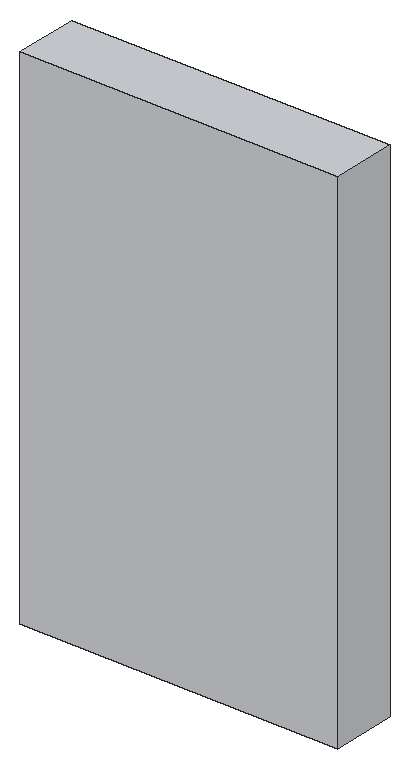
Revit family "1121xxx Mashiko 600 LED", category Lighting Fixtures, host Face, Revit 2018
Family settings
  Host = Face
  Round Connector Dimension = Use Diameter
  Part Type = Normal
  OmniClass Number = 23.80.70.00
  OmniClass Title = Lighting
  Cut with Voids When Loaded = No
  Light Source = Yes
  Shared = No
  Room Calculation Point = No
Parameters (values of type "0911 Mashiko 900")
  Width = 80.00 mm
  Weight = "3.46kg"
  Wattage Comments = "39w"
  Wattage = 9.2903 W
  built-in parameter 1150110 = 1 (stored number, unit not read)
  Voltage = 230 V
  URL = "www.astrolighting.co.uk"
  Type Comments = "Includes integral electronic ballast. Can be mounted horizontally or vertically."
  built-in parameter 1114217 = 1 (stored number, unit not read)
  Tilt Angle = 90.00°
  built-in parameter 1150109 = 1 (stored number, unit not read)
  built-in parameter 1150134 = 3
  built-in parameter 1150113 = 1 (stored number, unit not read)
  Suitable for bathroom zone = "Zones 2 and 3"
  Product Documentation = "http://www.astrolighting.co.uk/products/kw/0911/0911_Mashiko-900"
  Photometric Web File = "0911 MASHIKO 900.ies"
  Number of Poles = 1
  Mountable on normally flammable surfaces = "Yes"
  Model = "0911 Mashiko 900"
  Manufacturer = "Astro Lighting Ltd, CM20 2DP"
  built-in parameter 1150105 = 109.82 (stored number, unit not read)
  Lumens = 1380 lm
  Luminaire Lamp Efficiency Rating = "A-C"
  built-in parameter 1150115 = 1 (stored number, unit not read)
  Light Source From Wall = 40.00 mm  # constant formula
  built-in parameter 1150137 = (empty or 0)
  built-in parameter 1150139 = (empty or 0)
  Length = 80.00 mm
  Lamp included = "No"
  built-in parameter 1150112 = 1 (stored number, unit not read)
  built-in parameter 1150114 = 1 (stored number, unit not read)
  Lamp = "T5"
  built-in parameter 1150132 = (empty or 0)
  built-in parameter 1150102 = (empty or 0)
  built-in parameter 1150107 = 3200 (stored number, unit not read)
  built-in parameter 1150138 = (empty or 0)
  built-in parameter 1150106 = 1.0982 (stored number, unit not read)
  IP Rating = "IP44"
  Height = 910.00 mm
  Energy Efficiency Rating = ""
  Emit from Rectangle Width = 880.00 mm
  Emit from Rectangle Length = 60.00 mm
  Emit Shape Visible in Rendering = no
  built-in parameter 1150104 = 13.8 (stored number, unit not read)
  Dimming Lamp Color Temperature Shift = <None>
  Dimmable = "No"
  Diffuser Length = 435.00 mm
  Description = "Mirror Light"
  Default Elevation [instance] = 1700.00 mm
  Connector Placement = 200.00 mm
  Color Filter = 16777215
  Class = 2
  Casing Material = Astro - Steel - Chrome Finish
  Manufacturer Contact = "01279 427001"
  built-in parameter 1114218 = 1 (stored number, unit not read)
  built-in parameter 1150133 = 10 (stored number, unit not read)
  Assembly Code = "D5020200"
  Apparent Load = 37.62 VA
  900 Visibility = yes
Types (7, lengths in mm): name | Weight | Wattage Comments | Type Comments | Product Documentation | Photometric Web File | Model | Luminaire Lamp Efficiency Rating | Lamp included | Lamp | Height | Emit from Rectangle Width | Diffuser Length | Description | Connector Placement | Class | Casing Material | Apparent Load | 900 Visibility
  0550 Mashiko 360 | "1.7kg" | "18w" | "Can be mounted horizontally or vertically. Includes internal electronic ballast." | "http://www.astrolighting.co.uk/products/kw/0550/0550_Mashiko-360" | "0550 MASHIKO 360.ies" | "0550 Mashiko 360" | "B" | "No" | "2G11" | 360.00 | 330.00 | 330.00 | "Wall Light" | 275.00 | 2 | Astro - Steel - Chrome Finish | 13 VA | no
  7099 Mashiko 360 LED | "1.4kg" | "7.2w" | "Can be mounted horizontally or vertically. Includes integral LED driver." | "http://www.astrolighting.co.uk/products/kw/7099/7099_Mashiko-360-LED" | "MASHIKO LED 360.ies" | "7099 Mashiko 360 LED" | "A" | "Yes" | "LED" | 360.00 | 330.00 | 330.00 | "Wall Light" | 275.00 | 2 | Astro - Steel - Chrome Finish | 7.94 VA | no
  0583 Mashiko 500 | "2.3kg" | "36w" | "Can be mounted horizontally or vertically. Includes internal electronic ballast." | "http://www.astrolighting.co.uk/products/kw/0583/0583_Mashiko-500" | "0583 MASHIKO 500.ies" | "0583 Mashiko 500" | "B" | "No" | "2G11" | 510.00 | 480.00 | 480.00 | "Wall Light" | 468.00 | 1 | Astro - Steel - Chrome Finish | 32.7 VA | no
  0878 Mashiko 600 | "2.43kg" | "24w" | "Can be mounted horizontally or vertically. Includes internal electronic ballast." | "http://www.astrolighting.co.uk/products/kw/0878/0878_Mashiko-600" | "0878 MASHIKO 600.ies" | "0878 Mashiko 600" | "A-C" | "No" | "T5" | 610.00 | 580.00 | 580.00 | "Mirror Light" | 107.50 | 2 | Astro - Steel - Chrome Finish | 21.08 VA | no
  7134 Mashiko 600 LED | "2.09kg" | "10.8w" | "Can be mounted horizontally or vertically. Includes integral LED driver." | "http://www.astrolighting.co.uk/products/kw/7134/7134_Mashiko-600-LED" | "7134MASHIKO LED 600.ies" | "7134 Mashiko 600 LED" | "A" | "Yes" | "LED" | 610.00 | 580.00 | 580.00 | "Mirror Light" | 107.50 | 2 | Astro - Steel - Chrome Finish | 15.53 VA | no
  0911 Mashiko 900 | "3.46kg" | "39w" | "Includes integral electronic ballast. Can be mounted horizontally or vertically." | "http://www.astrolighting.co.uk/products/kw/0911/0911_Mashiko-900" | "0911 MASHIKO 900.ies" | "0911 Mashiko 900" | "A-C" | "No" | "T5" | 910.00 | 880.00 | 435.00 | "Mirror Light" | 200.00 | 2 | Astro - Steel - Chrome Finish | 37.62 VA | yes
  7043 Mashiko 360 (Silver) | "1.7kg" | "18w" | "Can be mounted horizontally or vertically. Includes internal electronic ballast." | "http://www.astrolighting.co.uk/products/kw/0550/0550_Mashiko-360" | "0550 MASHIKO 360.ies" | "7043 Mashiko 360 Silver" | "B" | "No" | "2G11" | 360.00 | 330.00 | 330.00 | "Wall Light" | 275.00 | 2 | Astro - Steel - Silver Paint | 13 VA | no
Reference planes
  plane 1: y = -75
  plane 2 "Light Source Axis (L/R)": x = 125
  plane 3 "Light Source Axis (F/R)": y = 40
  plane 4 "Light Source Elevation": z = 1600
  plane 5: y = -150
  plane 6 "Center (Elevation)": z = 1600
  plane 7: z = 0
  plane 8 "Top": z = 2055
  plane 9 "Bottom": z = 1145
  plane 10 "Left": x = 165
  plane 11 "Right": x = 85
  plane 12 "Front": y = 80
  plane 13: y = 0
  plane 14: z = 2050
  plane 15: z = 1150
  plane 16: z = 2040
  plane 17: z = 1160
  plane 18: x = 95
  plane 19: x = 155
  plane 20: y = 70
  plane 21: y = 10
Forms (mm)
  Extrusion 1, solid
    sketch origin (140, -150, 1500) x (0, 0, 1) y (1, 0, 0)
      loop
        line (-500, -385.69) -> (680, -385.69) -> (680, 345) -> (-500, 345) -> (-500, -385.69)
    from 0 to 150
  Extrusion 2, solid, material "Astro - Steel - Chrome Finish" <- "Casing Material"
    sketch origin (919.786, 225, 2055) x (1, 0, 0) y (0, 1, 0)
      loop
        arc (-828.786, -150) -> (-829.493, -150.293) -> (-829.786, -151) r 1
        line (-829.786, -151) -> (-829.786, -225) -> (-759.786, -225) -> (-759.786, -151)
        arc (-759.786, -151) -> (-760.079, -150.293) -> (-760.786, -150) r 1
        line (-760.786, -150) -> (-828.786, -150)
    from 0 to -5
  Extrusion 3, solid, material "Astro - Steel - Chrome Finish" <- "Casing Material"
    sketch origin (980.916, 225, 1145) x (1, 0, 0) y (0, 1, 0)
      loop
        arc (-889.916, -150) -> (-890.623, -150.293) -> (-890.916, -151) r 1
        line (-890.916, -151) -> (-890.916, -225) -> (-820.916, -225) -> (-820.916, -151)
        arc (-820.916, -151) -> (-821.209, -150.293) -> (-821.916, -150) r 1
        line (-821.916, -150) -> (-889.916, -150)
    from 0 to 5
  Extrusion 4, solid, material "Astro - Steel - Chrome Finish" <- "Casing Material"
    sketch origin (1573.638, 225, 1600) x (1, 0, 0) y (0, 1, 0)
      loop
        arc (-1487.138, -145) -> (-1488.199, -145.439) -> (-1488.638, -146.5) r 1.5
        line (-1488.638, -146.5) -> (-1488.638, -155) -> (-1478.638, -155) -> (-1478.638, -145) -> (-1487.138, -145)
      loop
        line (-1488.638, -225) -> (-1478.638, -225) -> (-1478.638, -215) -> (-1488.638, -215) -> (-1488.638, -225)
      loop
        line (-1408.638, -225) -> (-1408.638, -215) -> (-1418.638, -215) -> (-1418.638, -225) -> (-1408.638, -225)
      loop
        line (-1418.638, -145) -> (-1418.638, -155) -> (-1408.638, -155) -> (-1408.638, -146.5)
        arc (-1408.638, -146.5) -> (-1409.078, -145.439) -> (-1410.138, -145) r 1.5
        line (-1410.138, -145) -> (-1418.638, -145)
    from -440 to 440
  Extrusion 5, solid, material "Astro - Steel - Chrome Finish" <- "Casing Material"
    sketch origin (365.765, 225, 2050) x (1, 0, 0) y (0, 1, 0)
      loop
        line (-270.765, -155) -> (-270.765, -215) -> (-210.765, -215) -> (-210.765, -155) -> (-270.765, -155)
      loop
        arc (-279.265, -145) -> (-280.326, -145.439) -> (-280.765, -146.5) r 1.5
        line (-280.765, -146.5) -> (-280.765, -225) -> (-200.765, -225) -> (-200.765, -146.5)
        arc (-200.765, -146.5) -> (-201.204, -145.439) -> (-202.265, -145) r 1.5
        line (-202.265, -145) -> (-279.265, -145)
    from -10 to 0
  Extrusion 6, solid, material "Astro - Steel - Chrome Finish" <- "Casing Material"
    sketch origin (365.765, 225, 1150) x (1, 0, 0) y (0, 1, 0)
      loop
        line (-270.765, -155) -> (-270.765, -215) -> (-210.765, -215) -> (-210.765, -155) -> (-270.765, -155)
      loop
        arc (-279.265, -145) -> (-280.326, -145.439) -> (-280.765, -146.5) r 1.5
        line (-280.765, -146.5) -> (-280.765, -225) -> (-200.765, -225) -> (-200.765, -146.5)
        arc (-200.765, -146.5) -> (-201.204, -145.439) -> (-202.265, -145) r 1.5
        line (-202.265, -145) -> (-279.265, -145)
    from 0 to 10
  Extrusion 7, solid, material "Astro - Polycarbonate - White"
    sketch origin (1573.638, 225, 1600) x (1, 0, 0) y (0, 1, 0)
      loop
        line (-1478.638, -145) -> (-1478.638, -147) -> (-1418.638, -147) -> (-1418.638, -145) -> (-1478.638, -145)
      loop
        line (-1488.638, -215) -> (-1486.638, -215) -> (-1486.638, -155) -> (-1488.638, -155) -> (-1488.638, -215)
      loop
        line (-1408.638, -215) -> (-1408.638, -155) -> (-1410.638, -155) -> (-1410.638, -215) -> (-1408.638, -215)
    from 5 to 440
  Extrusion 8, solid, material "Astro - Steel - Chrome Finish" <- "Casing Material", visible <- "900 Visibility"
    sketch origin (1573.638, 225, 1600) x (1, 0, 0) y (0, 1, 0)
      loop
        line (-1408.638, -215) -> (-1408.638, -155) -> (-1418.638, -155) -> (-1418.638, -215) -> (-1408.638, -215)
      loop
        line (-1488.638, -215) -> (-1478.638, -215) -> (-1478.638, -155) -> (-1488.638, -155) -> (-1488.638, -215)
    from -5 to 5
  Extrusion 9, solid, material "Astro - Steel - Chrome Finish" <- "Casing Material", visible <- "900 Visibility"
    sketch origin (1573.638, 225, 1600) x (1, 0, 0) y (0, 1, 0)
      loop
        line (-1478.638, -145) -> (-1478.638, -155) -> (-1418.638, -155) -> (-1418.638, -145) -> (-1478.638, -145)
    from -5 to 5
  Extrusion 10, solid, material "Astro - Polycarbonate - White", visible <- "900 Visibility"
    sketch origin (980.916, 225, 1145) x (1, 0, 0) y (0, 1, 0)
      loop
        line (-885.916, -145) -> (-885.916, -147) -> (-825.916, -147) -> (-825.916, -145) -> (-885.916, -145)
      loop
        line (-895.916, -215) -> (-893.916, -215) -> (-893.916, -155) -> (-895.916, -155) -> (-895.916, -215)
      loop
        line (-815.916, -215) -> (-815.916, -155) -> (-817.916, -155) -> (-817.916, -215) -> (-815.916, -215)
    from 15 to 450
  Extrusion 11, solid, material "Astro - Steel - Chrome Finish" <- "Casing Material"
    sketch origin (-969.65, 0, 4000) x (-1, 0, 0) y (0, 0, 1)
      loop
        line (-1124.65, -1960) -> (-1124.65, -2840) -> (-1064.65, -2840) -> (-1064.65, -1960) -> (-1124.65, -1960)
      loop
        circle (-1094.65, -2145) r 8.5
    from 0 to 2.5
Cuts and joins
  joined: Extrusion 4, Extrusion 5, Extrusion 6
Text (mm)
  text "Placement side" at (-207.533, 216.883, 0), in view "Ref. Level"
  text "Placement side" at (0, 441.086, 2089.4), in view "Left"
  text "Placement side" at (0, 628.478, 3011.967), in view "Right"
Dimensions and locks
  equal spacing: plane 9 "Bottom", plane 6 "Center (Elevation)", plane 8 "Top"
  "Height": plane 9 "Bottom" to plane 8 "Top"
  equal spacing: plane 11 "Right", plane 2 "Light Source Axis (L/R)", plane 10 "Left"
  "Width": plane 11 "Right" to plane 10 "Left"
  locked: plane 1 to plane 13 at 75
  "Length": plane 12 "Front" to plane 13
  "Light Source From Wall": plane 3 "Light Source Axis (F/R)" to plane 13
  locked: plane 14 to plane 8 "Top" at 5
  locked: plane 9 "Bottom" to plane 15 at 5
  locked: plane 16 to plane 8 "Top" at 15
  locked: plane 9 "Bottom" to plane 17 at 15
  locked: plane 11 "Right" to Extrusion 2 sketch curve at 5
  locked: Extrusion 2 sketch curve to plane 10 "Left" at 5
  locked: plane 12 "Front" to Extrusion 2 sketch curve at 5
  locked: plane 12 "Front" to Extrusion 2 sketch curve at 6  (x2)
  locked: Extrusion 2 sketch curve to plane 10 "Left" at 6
  locked: plane 11 "Right" to Extrusion 2 sketch curve at 6
  locked: plane 11 "Right" to Extrusion 3 sketch curve at 5
  locked: Extrusion 3 sketch curve to plane 10 "Left" at 5
  locked: plane 12 "Front" to Extrusion 3 sketch curve at 5
  locked: plane 11 "Right" to Extrusion 3 sketch curve at 6
  locked: Extrusion 3 sketch curve to plane 10 "Left" at 6
  locked: plane 12 "Front" to Extrusion 3 sketch curve at 6  (x2)
  locked: plane 21 to plane 13 at 10
  locked: plane 12 "Front" to plane 20 at 10
  locked: plane 11 "Right" to plane 18 at 10
  locked: plane 19 to plane 10 "Left" at 10
  locked: plane 11 "Right" to Extrusion 4 sketch curve at 1.5
  locked: Extrusion 4 sketch curve to plane 10 "Left" at 1.5
  locked: plane 12 "Front" to Extrusion 4 sketch curve at 1.5  (x2)
  locked: Extrusion 5 sketch curve to plane 10 "Left" at 1.5
  locked: plane 12 "Front" to Extrusion 5 sketch curve at 1.5  (x2)
  locked: plane 11 "Right" to Extrusion 5 sketch curve at 1.5
  locked: Extrusion 6 sketch curve to plane 10 "Left" at 1.5
  locked: plane 12 "Front" to Extrusion 6 sketch curve at 1.5  (x2)
  locked: plane 11 "Right" to Extrusion 6 sketch curve at 1.5
  locked: plane 11 "Right" to Extrusion 7 sketch curve at 2
  locked: Extrusion 7 sketch curve to plane 10 "Left" at 2
  locked: plane 12 "Front" to Extrusion 7 sketch curve at 2
  equal spacing: Extrusion 9, plane 6 "Center (Elevation)", Extrusion 9
  locked: Extrusion 9 to Extrusion 9 at 10
  "Diffuser Length": Extrusion 7 to plane 16
  locked: plane 11 "Right" to Extrusion 10 sketch curve at 2
  locked: Extrusion 10 sketch curve to plane 10 "Left" at 2
  locked: plane 12 "Front" to Extrusion 10 sketch curve at 2
  "Diffuser Length": plane 17 to Extrusion 10
  locked: Extrusion 11 to plane 13 at 2.5
  "Connector Placement": Extrusion 11 sketch curve to plane 8 "Top"
  aligned and locked: plane 13 to Extrusion 2 sketch curve
  aligned and locked: Extrusion 2 to plane 8 "Top"
  aligned and locked: Extrusion 2 to plane 14
  aligned and locked: plane 13 to Extrusion 3 sketch curve
  aligned and locked: Extrusion 3 to plane 9 "Bottom"
  aligned and locked: plane 15 to Extrusion 3
  aligned and locked: Extrusion 4 sketch curve to plane 12 "Front"
  aligned and locked: Extrusion 4 sketch curve to plane 11 "Right"
  aligned and locked: Extrusion 4 sketch curve to plane 10 "Left"
  aligned and locked: Extrusion 4 sketch curve to plane 20
  aligned and locked: Extrusion 4 sketch curve to plane 18
  aligned and locked: Extrusion 4 sketch curve to plane 19
  aligned and locked: Extrusion 4 sketch curve to plane 21
  aligned and locked: Extrusion 4 sketch curve to plane 13
  aligned and locked: Extrusion 4 to plane 17
  aligned and locked: plane 16 to Extrusion 4
  aligned and locked: Extrusion 5 sketch curve to plane 20
  aligned and locked: Extrusion 5 sketch curve to plane 21
  aligned and locked: Extrusion 5 sketch curve to plane 18
  aligned and locked: Extrusion 5 sketch curve to plane 19
  aligned and locked: Extrusion 5 sketch curve to plane 12 "Front"
  aligned and locked: Extrusion 5 sketch curve to plane 11 "Right"
  aligned and locked: Extrusion 5 sketch curve to plane 10 "Left"
  aligned and locked: Extrusion 5 sketch curve to plane 13
  aligned and locked: Extrusion 5 to plane 16
  aligned and locked: plane 14 to Extrusion 5
  aligned and locked: Extrusion 6 sketch curve to plane 20
  aligned and locked: Extrusion 6 sketch curve to plane 12 "Front"
  aligned and locked: Extrusion 6 sketch curve to plane 11 "Right"
  aligned and locked: Extrusion 6 sketch curve to plane 18
  aligned and locked: Extrusion 6 sketch curve to plane 19
  aligned and locked: Extrusion 6 sketch curve to plane 10 "Left"
  aligned and locked: Extrusion 6 sketch curve to plane 21
  aligned and locked: Extrusion 6 sketch curve to plane 13
  aligned and locked: Extrusion 6 to plane 15
  aligned and locked: plane 17 to Extrusion 6
  aligned and locked: Extrusion 7 sketch curve to plane 11 "Right"
  aligned and locked: Extrusion 7 sketch curve to plane 10 "Left"
  aligned and locked: Extrusion 7 sketch curve to plane 20
  aligned and locked: Extrusion 7 sketch curve to plane 19
  aligned and locked: Extrusion 7 sketch curve to plane 21  (x2)
  aligned and locked: plane 16 to Extrusion 7
  aligned and locked: Extrusion 8 sketch curve to plane 10 "Left"
  aligned and locked: Extrusion 8 sketch curve to plane 11 "Right"
  aligned and locked: Extrusion 8 sketch curve to plane 18
  aligned and locked: Extrusion 8 sketch curve to plane 19
  aligned and locked: Extrusion 8 sketch curve to plane 20
  aligned and locked: plane 20 to Extrusion 8 sketch curve
  aligned and locked: plane 18 to Extrusion 9 sketch curve
  aligned and locked: Extrusion 9 sketch curve to plane 19
  aligned and locked: Extrusion 9 sketch curve to plane 12 "Front"
  aligned and locked: plane 20 to Extrusion 9 sketch curve
  aligned and locked: Extrusion 8 to Extrusion 9  (x2)
  aligned and locked: Extrusion 8 sketch curve to plane 21
  aligned and locked: Extrusion 10 sketch curve to plane 12 "Front"
  aligned and locked: Extrusion 10 sketch curve to plane 11 "Right"
  aligned and locked: Extrusion 10 sketch curve to plane 10 "Left"
  aligned and locked: Extrusion 10 sketch curve to plane 21
  aligned and locked: Extrusion 10 sketch curve to plane 20  (x2)
  aligned and locked: Extrusion 10 sketch curve to plane 18
  aligned and locked: Extrusion 10 sketch curve to plane 19
  aligned and locked: Extrusion 10 to plane 17
  aligned and locked: Extrusion 11 sketch curve to plane 16
  aligned and locked: plane 17 to Extrusion 11 sketch curve
  aligned and locked: Extrusion 11 sketch curve to plane 19
  aligned and locked: plane 18 to Extrusion 11 sketch curve
  aligned and locked: plane 2 "Light Source Axis (L/R)" to Extrusion 11 sketch curve
  aligned and locked: plane 4 "Light Source Elevation" to plane 6 "Center (Elevation)"
  aligned and locked: plane 2 "Light Source Axis (L/R)" to imposter light
  aligned and locked: plane 3 "Light Source Axis (F/R)" to imposter light
  aligned and locked: plane 6 "Center (Elevation)" to imposter light
Automatic sketch dimensions
  Extrusion 1 sketch curve to Extrusion 1 sketch curve = 1180.00 mm
  Extrusion 1 sketch curve to Extrusion 1 sketch curve = 730.69 mm
  Extrusion 4 sketch curve to plane 12 "Front" = 0.00 mm
  Extrusion 4 sketch curve to plane 20 = 0.00 mm
  Extrusion 4 sketch curve to plane 19 = 0.00 mm
  Extrusion 4 sketch curve to plane 18 = 0.00 mm
  Extrusion 4 sketch curve to plane 13 = 0.00 mm
  Extrusion 4 sketch curve to plane 21 = 0.00 mm
  Extrusion 7 sketch curve to plane 12 "Front" = 0.00 mm
  Extrusion 7 sketch curve to Extrusion 7 sketch curve = 0.00 mm
  Extrusion 7 sketch curve to plane 18 = 0.00 mm
  Extrusion 8 sketch curve to plane 21 = 0.00 mm
  Extrusion 10 sketch curve to plane 21 = 0.00 mm
  radius of Extrusion 11 sketch curve = 8.50 mm
Connectors
  electrical at (125, 0, 1855), driven by "Number of Poles", driven by "Voltage", driven by "Apparent Load"
    settings: on Extrusion 11, index 1, voltage 230 V, apparent load 0 VA, apparent load phase1 37.62 VA, apparent load phase2 0 VA, apparent load phase3 0 VA, power factor 1, load classification "Other", number of poles 1, system type 31, power factor state 1, is connector primary yes, connector utility no, sub classification motor no, connector description ""
